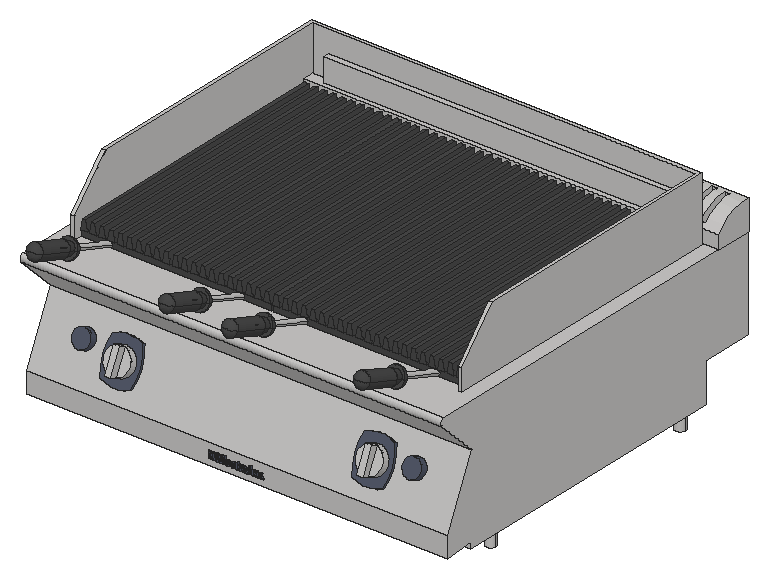
Revit family "QF_ELECTROLUXPROFESSIONAL_371045_E7GRGHLC00", category Specialty Equipment, Revit 2018 (continued)
Automatic sketch dimensions
  plane 3 "LEFT" to Extrusion 30 sketch curve = 29.703 mm
  Extrusion 30 sketch curve to Extrusion 30 sketch curve = 9.296 mm  (x14)
  Extrusion 30 sketch curve to Extrusion 30 sketch curve = 16.193 mm  (x13)
  Extrusion 31 sketch curve to plane 10 "TOP A" = 0 mm
  Extrusion 31 sketch curve to plane 1 "BACK" = 0 mm
  plane 1 "BACK" to Extrusion 31 sketch curve = 4.947 mm
  plane 6 "TOP" to Extrusion 31 sketch curve = 11.113 mm
  plane 1 "BACK" to Extrusion 31 sketch curve = 69.85 mm
  Extrusion 31 sketch curve to plane 10 "TOP A" = 24.807 mm
  plane 1 "BACK" to Extrusion 32 sketch curve = 6.761 mm  (x14)
  Extrusion 32 sketch curve to Extrusion 32 sketch curve = 57.15 mm
  Extrusion 32 sketch curve to Extrusion 32 sketch curve = 0 mm  (x13)
  plane 7 "Center Y" to Extrusion 32 sketch curve = 29.703 mm
  Extrusion 32 sketch curve to Extrusion 32 sketch curve = 9.296 mm  (x14)
  Extrusion 32 sketch curve to Extrusion 32 sketch curve = 16.193 mm  (x13)
  plane 1 "BACK" to curve 80 = 0 mm
  curve 80 to plane 4 "RIGHT" = 0 mm
  plane 5 "FRONT" to curve 38 = 0 mm
  plane 5 "FRONT" to curve 37 = 0 mm
  plane 5 "FRONT" to curve 28 = 0 mm
  curve 28 to plane 3 "LEFT" = 0 mm
  plane 5 "FRONT" to curve 3 = 0 mm
  curve 14 to plane 4 "RIGHT" = 28.675 mm
  curve 14 to curve 9 = 6.35 mm
  curve 9 to curve 31 = 1.554 mm
  curve 74 to plane 5 "FRONT" = 2.011 mm
  curve 74 to plane 4 "RIGHT" = 68.113 mm
  curve 11 to plane 5 "FRONT" = 0.004 mm
  curve 74 to curve 11 = 1.343 mm
  curve 11 to curve 72 = 4.21 mm
  plane 5 "FRONT" to curve 68 = 3.822 mm
  curve 11 to curve 68 = 5.868 mm
  curve 66 to plane 5 "FRONT" = 2.011 mm
  curve 68 to curve 66 = 1.095 mm
  curve 76 to curve 65 = 7.175 mm
  curve 66 to curve 74 = 14.898 mm
  curve 73 to curve 71 = 14.98 mm
  curve 68 to plane 5 "FRONT" = 2.896 mm
  curve 65 to curve 68 = 5.052 mm
  curve 74 to curve 72 = 0.082 mm
  curve 71 to curve 73 = 14.98 mm
  curve 74 to curve 76 = 0.082 mm
  curve 65 to curve 75 = 10.104 mm
  curve 76 to plane 5 "FRONT" = 2.011 mm
  plane 5 "FRONT" to curve 39 = 0.003 mm
  curve 4 to plane 4 "RIGHT" = 107.856 mm
  curve 74 to curve 68 = 0.076 mm
  curve 63 to plane 5 "FRONT" = 2.011 mm
  plane 7 "Center Y" to curve 63 = 80.737 mm
  curve 63 to curve 39 = 1.349 mm
  curve 39 to curve 61 = 4.204 mm
  plane 5 "FRONT" to curve 57 = 3.822 mm
  curve 39 to curve 57 = 5.862 mm
  curve 55 to plane 5 "FRONT" = 2.011 mm
  curve 57 to curve 55 = 1.095 mm
  plane 7 "Center Y" to curve 53 = 65.257 mm
  curve 55 to curve 63 = 14.898 mm
  curve 62 to curve 60 = 14.98 mm
  curve 60 to curve 62 = 14.98 mm
  curve 63 to curve 61 = 0.082 mm
  curve 57 to plane 5 "FRONT" = 2.896 mm
  curve 53 to curve 57 = 5.052 mm
  curve 63 to curve 64 = 0.082 mm
  curve 57 to curve 54 = 5.052 mm
  curve 64 to plane 5 "FRONT" = 2.011 mm
  curve 63 to curve 57 = 0.076 mm
  curve 42 to plane 5 "FRONT" = 2.896 mm
  curve 42 to plane 7 "Center Y" = 39.916 mm
  curve 42 to curve 48 = 0.076 mm
  curve 48 to curve 38 = 1.027 mm
  curve 45 to plane 7 "Center Y" = 45.225 mm
  plane 5 "FRONT" to curve 42 = 3.822 mm
  curve 38 to curve 42 = 5.864 mm
  curve 43 to plane 5 "FRONT" = 2.011 mm
  curve 42 to curve 43 = 1.095 mm
  curve 36 to plane 7 "Center Y" = 55.153 mm
  curve 43 to curve 49 = 14.98 mm
  curve 44 to curve 47 = 14.98 mm
  curve 46 to curve 49 = 0 mm
  curve 45 to curve 45 = 14.98 mm
  curve 49 to curve 48 = 0.082 mm
  curve 42 to curve 35 = 5.052 mm
  curve 49 to plane 5 "FRONT" = 2.011 mm
  curve 48 to plane 5 "FRONT" = 2.011 mm
  curve 37 to curve 48 = 1.346 mm
  curve 19 to plane 5 "FRONT" = 2.896 mm
  plane 3 "LEFT" to curve 19 = 108.935 mm
  curve 19 to curve 25 = 0.076 mm
  curve 25 to curve 37 = 1.027 mm
  curve 37 to curve 24 = 4.206 mm
  plane 5 "FRONT" to curve 19 = 3.822 mm
  curve 37 to curve 19 = 5.864 mm
  curve 27 to plane 5 "FRONT" = 2.011 mm  (x2)
  curve 19 to curve 27 = 1.095 mm
  plane 11 to curve 26 = 34.08 mm
  plane 3 "LEFT" to curve 26 = 93.698 mm
  curve 24 to curve 22 = 14.98 mm
  curve 21 to curve 24 = 14.98 mm
  curve 20 to curve 27 = 14.98 mm
  curve 23 to curve 27 = 0 mm
  curve 27 to curve 25 = 0.082 mm
  curve 19 to curve 16 = 5.052 mm
  curve 25 to plane 5 "FRONT" = 2.011 mm
  curve 28 to curve 25 = 1.346 mm
  plane 3 "LEFT" to curve 29 = 36.446 mm
  curve 29 to curve 7 = 1.421 mm
  curve 7 to curve 12 = 6.35 mm
  curve 3 to plane 3 "LEFT" = 150.019 mm
  curve 3 to plane 1 "BACK" = 150.019 mm
  plane 1 "BACK" to curve 81 = 69.85 mm
  curve 79 to curve 81 = 0 mm
  curve 79 to curve 12 = 3.685 mm
  curve 13 to curve 31 = 5.929 mm
  curve 12 to curve 7 = 6.35 mm
  curve 9 to curve 31 = 22.49 mm
  plane 11 to curve 65 = 34.08 mm
  plane 11 to curve 53 = 34.08 mm
  plane 11 to curve 35 = 34.08 mm
  curve 75 to curve 65 = 0 mm
  curve 35 to curve 36 = 0 mm
  curve 16 to curve 26 = 0 mm
  curve 54 to curve 53 = 0 mm
  plane 11 to curve 15 = 47 mm
  plane 11 to curve 12 = 47 mm
  curve 27 to curve 25 = 10.001 mm
  curve 49 to curve 48 = 10.001 mm
  curve 64 to curve 63 = 10.001 mm
  curve 76 to curve 74 = 10.001 mm
  curve 48 to curve 46 = 10.341 mm
  curve 74 to curve 72 = 10.341 mm
  curve 25 to curve 23 = 10.341 mm
  curve 63 to curve 61 = 10.341 mm
  curve 61 to curve 60 = 35.659 mm
  curve 46 to curve 45 = 35.659 mm
  curve 23 to curve 22 = 35.659 mm
  curve 72 to curve 71 = 35.659 mm
  curve 22 to curve 18 = 6.404 mm
  curve 60 to curve 59 = 6.404 mm
  curve 71 to curve 70 = 6.404 mm
  curve 45 to curve 47 = 6.404 mm
  curve 71 to curve 73 = 17.183 mm
  curve 44 to curve 47 = 17.183 mm
  curve 59 to curve 62 = 17.183 mm
  curve 18 to curve 24 = 17.183 mm
  plane 5 "FRONT" to curve 2 = 0 mm
  plane 5 "FRONT" to curve 52 = 0 mm
  plane 5 "FRONT" to curve 50 = 0 mm
  plane 4 "RIGHT" to curve 2 = 150.019 mm
  curve 77 to plane 4 "RIGHT" = 35.025 mm
  curve 34 to plane 4 "RIGHT" = 66.394 mm
  curve 52 to plane 4 "RIGHT" = 138.1 mm
  plane 3 "LEFT" to curve 50 = 138.1 mm
  plane 3 "LEFT" to curve 32 = 66.394 mm
  plane 3 "LEFT" to curve 77 = 35.025 mm
  curve 1 to plane 3 "LEFT" = 150.019 mm
  plane 11 to curve 77 = 34.08 mm
  curve 34 to curve 33 = 12.928 mm
  curve 32 to curve 32 = 12.928 mm
  curve 1 to plane 1 "BACK" = 150.019 mm
  curve 50 to curve 51 = 470.75 mm
  curve 34 to plane 12 = 67.753 mm
  plane 9 "BASE" to Extrusion 33 sketch curve = 14.013 mm
  plane 9 "BASE" to Extrusion 33 sketch curve = 19.054 mm
  plane 7 "Center Y" to Extrusion 33 sketch curve = 2.479 mm
  Extrusion 33 sketch curve to Extrusion 33 sketch curve = 5.06 mm
  Extrusion 33 sketch curve to Extrusion 33 sketch curve = 0 mm  (x28)
  Extrusion 33 sketch curve to Extrusion 33 sketch curve = 5.108 mm  (x2)
  Extrusion 33 sketch curve to Extrusion 33 sketch curve = 0.054 mm
  Extrusion 33 sketch curve to Extrusion 33 sketch curve = 0.218 mm
  Extrusion 33 sketch curve to Extrusion 33 sketch curve = 0.195 mm
  Extrusion 33 sketch curve to Extrusion 33 sketch curve = 0.249 mm
  plane 9 "BASE" to Extrusion 33 sketch curve = 19.371 mm
  Extrusion 33 sketch curve to Extrusion 33 sketch curve = 0.087 mm
  Extrusion 33 sketch curve to Extrusion 33 sketch curve = 0.358 mm
  Extrusion 33 sketch curve to Extrusion 33 sketch curve = 0.481 mm
  Extrusion 33 sketch curve to Extrusion 33 sketch curve = 0.597 mm
  Extrusion 33 sketch curve to Extrusion 33 sketch curve = 0.544 mm
  Extrusion 33 sketch curve to Extrusion 33 sketch curve = 0.936 mm
  Extrusion 33 sketch curve to Extrusion 33 sketch curve = 0.594 mm
  Extrusion 33 sketch curve to Extrusion 33 sketch curve = 0.343 mm
  Extrusion 33 sketch curve to Extrusion 33 sketch curve = 0.159 mm
  Extrusion 33 sketch curve to Extrusion 33 sketch curve = 0.826 mm
  Extrusion 33 sketch curve to Extrusion 33 sketch curve = 0.839 mm
  Extrusion 33 sketch curve to Extrusion 33 sketch curve = 0.852 mm
  Extrusion 33 sketch curve to Extrusion 33 sketch curve = 0.887 mm
  Extrusion 33 sketch curve to Extrusion 33 sketch curve = 0.928 mm
  Extrusion 33 sketch curve to Extrusion 33 sketch curve = 0.938 mm
  Extrusion 33 sketch curve to Extrusion 33 sketch curve = 0.444 mm
  Extrusion 33 sketch curve to Extrusion 33 sketch curve = 1.11 mm  (x3)
  Extrusion 33 sketch curve to Extrusion 33 sketch curve = 0.215 mm
  Extrusion 33 sketch curve to Extrusion 33 sketch curve = 1.43 mm
  Extrusion 33 sketch curve to Extrusion 33 sketch curve = 1.188 mm
  Extrusion 33 sketch curve to Extrusion 33 sketch curve = 1.21 mm  (x2)
  Extrusion 33 sketch curve to Extrusion 33 sketch curve = 0.503 mm
  Extrusion 33 sketch curve to Extrusion 33 sketch curve = 0.488 mm
  Extrusion 33 sketch curve to Extrusion 33 sketch curve = 0.462 mm
  Extrusion 33 sketch curve to Extrusion 33 sketch curve = 1.386 mm
  Extrusion 33 sketch curve to Extrusion 33 sketch curve = 1.742 mm  (x2)
  Extrusion 33 sketch curve to Extrusion 33 sketch curve = 0.821 mm
  Extrusion 33 sketch curve to Extrusion 33 sketch curve = 0.497 mm
  Extrusion 33 sketch curve to Extrusion 33 sketch curve = 0.539 mm
  Extrusion 33 sketch curve to Extrusion 33 sketch curve = 0.686 mm
  Extrusion 33 sketch curve to Extrusion 33 sketch curve = 0.408 mm
  Extrusion 33 sketch curve to Extrusion 33 sketch curve = 0.743 mm
  Extrusion 33 sketch curve to Extrusion 33 sketch curve = 1.16 mm
  Extrusion 33 sketch curve to Extrusion 33 sketch curve = 0.329 mm
  Extrusion 33 sketch curve to Extrusion 33 sketch curve = 1.054 mm
  Extrusion 33 sketch curve to Extrusion 33 sketch curve = 1.056 mm
  Extrusion 33 sketch curve to Extrusion 33 sketch curve = 0.129 mm
  Extrusion 33 sketch curve to Extrusion 33 sketch curve = 0.489 mm
  Extrusion 33 sketch curve to Extrusion 33 sketch curve = 0.441 mm
  Extrusion 33 sketch curve to Extrusion 33 sketch curve = 1.151 mm
  Extrusion 33 sketch curve to Extrusion 33 sketch curve = 1.141 mm  (x2)
  Extrusion 33 sketch curve to Extrusion 33 sketch curve = 0.768 mm
  Extrusion 33 sketch curve to Extrusion 33 sketch curve = 1.653 mm
  Extrusion 33 sketch curve to Extrusion 33 sketch curve = 0.499 mm
  Extrusion 33 sketch curve to Extrusion 33 sketch curve = 0.964 mm
  Extrusion 33 sketch curve to Extrusion 33 sketch curve = 0.949 mm
  Extrusion 33 sketch curve to Extrusion 33 sketch curve = 1.345 mm  (x2)
  Extrusion 33 sketch curve to Extrusion 33 sketch curve = 1.101 mm
  Extrusion 33 sketch curve to Extrusion 33 sketch curve = 0.432 mm
  Extrusion 33 sketch curve to Extrusion 33 sketch curve = 1.142 mm
  Extrusion 33 sketch curve to Extrusion 33 sketch curve = 0.959 mm
  Extrusion 33 sketch curve to Extrusion 33 sketch curve = 0.176 mm
  Extrusion 33 sketch curve to Extrusion 33 sketch curve = 0.728 mm
  Extrusion 33 sketch curve to Extrusion 33 sketch curve = 3.375 mm  (x2)
  Extrusion 33 sketch curve to Extrusion 33 sketch curve = 1.905 mm
  Extrusion 33 sketch curve to Extrusion 33 sketch curve = 0.955 mm
  Extrusion 33 sketch curve to Extrusion 33 sketch curve = 1.251 mm
  Extrusion 33 sketch curve to Extrusion 33 sketch curve = 0.572 mm
  Extrusion 33 sketch curve to Extrusion 33 sketch curve = 1.92 mm
  Extrusion 33 sketch curve to Extrusion 33 sketch curve = 1.224 mm
  Extrusion 33 sketch curve to Extrusion 33 sketch curve = 0.745 mm
  Extrusion 33 sketch curve to Extrusion 33 sketch curve = 2.537 mm
  Extrusion 33 sketch curve to Extrusion 33 sketch curve = 0.896 mm  (x3)
  Extrusion 33 sketch curve to Extrusion 33 sketch curve = 0.036 mm
  Extrusion 33 sketch curve to Extrusion 33 sketch curve = 2.607 mm
  Extrusion 33 sketch curve to Extrusion 33 sketch curve = 0.066 mm
  Extrusion 33 sketch curve to Extrusion 33 sketch curve = 0.248 mm
  Extrusion 33 sketch curve to Extrusion 33 sketch curve = 0.449 mm
  Extrusion 33 sketch curve to Extrusion 33 sketch curve = 1.052 mm
  Extrusion 33 sketch curve to Extrusion 33 sketch curve = 1.863 mm
  Extrusion 33 sketch curve to Extrusion 33 sketch curve = 1.31 mm  (x2)
  Extrusion 33 sketch curve to Extrusion 33 sketch curve = 0.901 mm
  Extrusion 33 sketch curve to Extrusion 33 sketch curve = 1.107 mm
  Extrusion 33 sketch curve to Extrusion 33 sketch curve = 2.122 mm
  Extrusion 33 sketch curve to Extrusion 33 sketch curve = 2.101 mm
  Extrusion 33 sketch curve to Extrusion 33 sketch curve = 0.106 mm
  Extrusion 33 sketch curve to Extrusion 33 sketch curve = 0.029 mm
  Extrusion 33 sketch curve to Extrusion 33 sketch curve = 2.09 mm
  Extrusion 33 sketch curve to Extrusion 33 sketch curve = 1.279 mm
  Extrusion 33 sketch curve to Extrusion 33 sketch curve = 2.008 mm
  Extrusion 33 sketch curve to Extrusion 33 sketch curve = 0.738 mm
  Extrusion 33 sketch curve to Extrusion 33 sketch curve = 0.382 mm
  Extrusion 33 sketch curve to Extrusion 33 sketch curve = 0.384 mm
  Extrusion 33 sketch curve to Extrusion 33 sketch curve = 0.002 mm
  Extrusion 33 sketch curve to Extrusion 33 sketch curve = 0.561 mm
  Extrusion 33 sketch curve to Extrusion 33 sketch curve = 0.592 mm
  Extrusion 33 sketch curve to Extrusion 33 sketch curve = 2.692 mm
  Extrusion 33 sketch curve to Extrusion 33 sketch curve = 1.259 mm
  Extrusion 33 sketch curve to Extrusion 33 sketch curve = 0.802 mm
  Extrusion 33 sketch curve to Extrusion 33 sketch curve = 1.024 mm  (x2)
  Extrusion 33 sketch curve to Extrusion 33 sketch curve = 0.682 mm
  Extrusion 33 sketch curve to Extrusion 33 sketch curve = 5.934 mm
  Extrusion 33 sketch curve to Extrusion 33 sketch curve = 2.186 mm
  Extrusion 33 sketch curve to Extrusion 33 sketch curve = 0.337 mm
  Extrusion 33 sketch curve to Extrusion 33 sketch curve = 0.021 mm
  Extrusion 33 sketch curve to Extrusion 33 sketch curve = 1.005 mm
  Extrusion 33 sketch curve to Extrusion 33 sketch curve = 0.552 mm
  Extrusion 33 sketch curve to Extrusion 33 sketch curve = 0.778 mm
  Extrusion 33 sketch curve to Extrusion 33 sketch curve = 0.063 mm
  Extrusion 33 sketch curve to Extrusion 33 sketch curve = 1.023 mm
  Extrusion 33 sketch curve to Extrusion 33 sketch curve = 3.804 mm
  Extrusion 33 sketch curve to Extrusion 33 sketch curve = 0.486 mm
  Extrusion 33 sketch curve to Extrusion 33 sketch curve = 0.266 mm  (x2)
  Extrusion 33 sketch curve to Extrusion 33 sketch curve = 1.547 mm
  Extrusion 33 sketch curve to Extrusion 33 sketch curve = 0.717 mm  (x2)
  Extrusion 33 sketch curve to Extrusion 33 sketch curve = 1.667 mm
  Extrusion 33 sketch curve to Extrusion 33 sketch curve = 3.174 mm
  Extrusion 33 sketch curve to Extrusion 33 sketch curve = 0.388 mm
  Extrusion 33 sketch curve to Extrusion 33 sketch curve = 1.342 mm
  Extrusion 33 sketch curve to Extrusion 33 sketch curve = 1.521 mm
  Extrusion 33 sketch curve to Extrusion 33 sketch curve = 0.124 mm
  Extrusion 33 sketch curve to Extrusion 33 sketch curve = 0.291 mm
  plane 7 "Center Y" to Extrusion 33 sketch curve = 3.796 mm
  Extrusion 33 sketch curve to Extrusion 33 sketch curve = 1.049 mm  (x2)
  Extrusion 33 sketch curve to Extrusion 33 sketch curve = 1.7 mm
  Extrusion 33 sketch curve to Extrusion 33 sketch curve = 0.894 mm
  Extrusion 33 sketch curve to Extrusion 33 sketch curve = 0.989 mm
  Extrusion 33 sketch curve to Extrusion 33 sketch curve = 1.168 mm
  Extrusion 33 sketch curve to Extrusion 33 sketch curve = 1.594 mm
  Extrusion 33 sketch curve to Extrusion 33 sketch curve = 0.731 mm
  Extrusion 33 sketch curve to Extrusion 33 sketch curve = 1.566 mm
  Extrusion 33 sketch curve to Extrusion 33 sketch curve = 0.064 mm
  plane 7 "Center Y" to Extrusion 33 sketch curve = 4.352 mm
  Extrusion 33 sketch curve to Extrusion 33 sketch curve = 0.556 mm  (x2)
  Extrusion 33 sketch curve to Extrusion 33 sketch curve = 0.48 mm
  Extrusion 33 sketch curve to Extrusion 33 sketch curve = 1.018 mm
  Extrusion 33 sketch curve to Extrusion 33 sketch curve = 0.787 mm
  Extrusion 33 sketch curve to Extrusion 33 sketch curve = 0.618 mm
  Extrusion 33 sketch curve to Extrusion 33 sketch curve = 1.672 mm
  Extrusion 33 sketch curve to Extrusion 33 sketch curve = 1.361 mm
  Extrusion 33 sketch curve to Extrusion 33 sketch curve = 0.822 mm
  Extrusion 33 sketch curve to Extrusion 33 sketch curve = 0.069 mm
  Extrusion 33 sketch curve to Extrusion 33 sketch curve = 1.88 mm
  Extrusion 33 sketch curve to Extrusion 33 sketch curve = 0.42 mm
  Extrusion 33 sketch curve to Extrusion 33 sketch curve = 0.062 mm
  Extrusion 33 sketch curve to Extrusion 33 sketch curve = 1.355 mm
  Extrusion 33 sketch curve to Extrusion 33 sketch curve = 2.34 mm
  Extrusion 33 sketch curve to Extrusion 33 sketch curve = 0.493 mm
  Extrusion 33 sketch curve to Extrusion 33 sketch curve = 0.136 mm
  Extrusion 33 sketch curve to Extrusion 33 sketch curve = 0.128 mm
  Extrusion 33 sketch curve to Extrusion 33 sketch curve = 3.616 mm
  Extrusion 33 sketch curve to Extrusion 33 sketch curve = 4.207 mm
  Extrusion 33 sketch curve to Extrusion 33 sketch curve = 0.183 mm
  Extrusion 33 sketch curve to Extrusion 33 sketch curve = 0.895 mm
  Extrusion 33 sketch curve to Extrusion 33 sketch curve = 1.314 mm
  plane 7 "Center Y" to Extrusion 33 sketch curve = 1.492 mm
  Extrusion 33 sketch curve to Extrusion 33 sketch curve = 3.231 mm
  Extrusion 33 sketch curve to Extrusion 33 sketch curve = 1.299 mm
  Extrusion 33 sketch curve to Extrusion 33 sketch curve = 1.214 mm
  Extrusion 33 sketch curve to Extrusion 33 sketch curve = 1.264 mm
  Extrusion 33 sketch curve to Extrusion 33 sketch curve = 0.109 mm
  Extrusion 33 sketch curve to Extrusion 33 sketch curve = 0.357 mm
  Extrusion 33 sketch curve to Extrusion 33 sketch curve = 0.565 mm
  Extrusion 33 sketch curve to Extrusion 33 sketch curve = 2.504 mm
  Extrusion 33 sketch curve to Extrusion 33 sketch curve = 2.459 mm
  Extrusion 33 sketch curve to Extrusion 33 sketch curve = 1.322 mm
  Extrusion 33 sketch curve to Extrusion 33 sketch curve = 2.77 mm
  Extrusion 33 sketch curve to Extrusion 33 sketch curve = 2.51 mm
  Extrusion 33 sketch curve to Extrusion 33 sketch curve = 0.187 mm
  Extrusion 33 sketch curve to Extrusion 33 sketch curve = 2.559 mm
  Extrusion 33 sketch curve to Extrusion 33 sketch curve = 1.556 mm
  Extrusion 33 sketch curve to Extrusion 33 sketch curve = 0.222 mm
  Extrusion 33 sketch curve to Extrusion 33 sketch curve = 1.383 mm
  Extrusion 33 sketch curve to Extrusion 33 sketch curve = 3.114 mm
  Extrusion 33 sketch curve to Extrusion 33 sketch curve = 3.376 mm
  Extrusion 33 sketch curve to Extrusion 33 sketch curve = 0.934 mm
  Extrusion 33 sketch curve to Extrusion 33 sketch curve = 0.191 mm
  Extrusion 33 sketch curve to Extrusion 33 sketch curve = 3.696 mm
  Extrusion 33 sketch curve to Extrusion 33 sketch curve = 2.708 mm
  Extrusion 33 sketch curve to Extrusion 33 sketch curve = 3.333 mm
  Extrusion 33 sketch curve to Extrusion 33 sketch curve = 0.332 mm
  Extrusion 33 sketch curve to Extrusion 33 sketch curve = 1.087 mm
  Extrusion 33 sketch curve to Extrusion 33 sketch curve = 2.23 mm
  Extrusion 33 sketch curve to Extrusion 33 sketch curve = 2.757 mm
  Extrusion 33 sketch curve to Extrusion 33 sketch curve = 0.987 mm
  Extrusion 33 sketch curve to Extrusion 33 sketch curve = 1.529 mm
  Extrusion 33 sketch curve to Extrusion 33 sketch curve = 1.796 mm
  Extrusion 33 sketch curve to Extrusion 33 sketch curve = 2.859 mm
  Extrusion 33 sketch curve to Extrusion 33 sketch curve = 0.853 mm
  Extrusion 33 sketch curve to Extrusion 33 sketch curve = 1.241 mm
  Extrusion 33 sketch curve to Extrusion 33 sketch curve = 2.046 mm  (x2)
  Extrusion 33 sketch curve to Extrusion 33 sketch curve = 2.422 mm
  Extrusion 33 sketch curve to Extrusion 33 sketch curve = 0.27 mm  (x2)
  Extrusion 33 sketch curve to Extrusion 33 sketch curve = 0.69 mm
  Extrusion 33 sketch curve to Extrusion 33 sketch curve = 0.781 mm  (x2)
  Extrusion 33 sketch curve to Extrusion 33 sketch curve = 3.136 mm
  Extrusion 33 sketch curve to Extrusion 33 sketch curve = 1.767 mm
  Extrusion 33 sketch curve to Extrusion 33 sketch curve = 0.138 mm
  Extrusion 33 sketch curve to Extrusion 33 sketch curve = 0.777 mm
  Extrusion 33 sketch curve to Extrusion 33 sketch curve = 1.19 mm
  Extrusion 33 sketch curve to Extrusion 33 sketch curve = 0.782 mm
  Extrusion 33 sketch curve to Extrusion 33 sketch curve = 1.268 mm
  Extrusion 33 sketch curve to Extrusion 33 sketch curve = 0.422 mm  (x2)
  Extrusion 33 sketch curve to Extrusion 33 sketch curve = 1.559 mm
  Extrusion 33 sketch curve to Extrusion 33 sketch curve = 3.927 mm
  Extrusion 33 sketch curve to Extrusion 33 sketch curve = 0.983 mm
  Extrusion 33 sketch curve to Extrusion 33 sketch curve = 1.134 mm
  plane 7 "Center Y" to Extrusion 33 sketch curve = 0.896 mm
  Extrusion 33 sketch curve to Extrusion 33 sketch curve = 1.501 mm
  Extrusion 33 sketch curve to Extrusion 33 sketch curve = 1.808 mm
  Extrusion 33 sketch curve to Extrusion 33 sketch curve = 0.643 mm
  Extrusion 33 sketch curve to Extrusion 33 sketch curve = 0.916 mm
  Extrusion 33 sketch curve to Extrusion 33 sketch curve = 0.352 mm
  Extrusion 33 sketch curve to Extrusion 33 sketch curve = 0.458 mm
  Extrusion 33 sketch curve to Extrusion 33 sketch curve = 1.282 mm
  Extrusion 33 sketch curve to Extrusion 33 sketch curve = 1.363 mm
  Extrusion 33 sketch curve to Extrusion 33 sketch curve = 0.685 mm
  Extrusion 33 sketch curve to Extrusion 33 sketch curve = 0.905 mm
  Extrusion 33 sketch curve to Extrusion 33 sketch curve = 2.865 mm
  Extrusion 33 sketch curve to Extrusion 33 sketch curve = 0.472 mm
  Extrusion 33 sketch curve to Extrusion 33 sketch curve = 0.101 mm
  Extrusion 33 sketch curve to Extrusion 33 sketch curve = 0.54 mm
  Extrusion 33 sketch curve to Extrusion 33 sketch curve = 0.02 mm
  Extrusion 33 sketch curve to Extrusion 33 sketch curve = 0.468 mm
  Extrusion 33 sketch curve to Extrusion 33 sketch curve = 0.829 mm
  Extrusion 33 sketch curve to Extrusion 33 sketch curve = 0.582 mm
  Extrusion 33 sketch curve to Extrusion 33 sketch curve = 0.166 mm
  Extrusion 33 sketch curve to Extrusion 33 sketch curve = 0.16 mm
  Extrusion 33 sketch curve to Extrusion 33 sketch curve = 2.781 mm
  Extrusion 33 sketch curve to Extrusion 33 sketch curve = 1.118 mm
  Extrusion 33 sketch curve to Extrusion 33 sketch curve = 0.613 mm
  Extrusion 33 sketch curve to Extrusion 33 sketch curve = 0.361 mm
  Extrusion 33 sketch curve to Extrusion 33 sketch curve = 0.897 mm
  Extrusion 33 sketch curve to Extrusion 33 sketch curve = 0.167 mm
  Extrusion 33 sketch curve to Extrusion 33 sketch curve = 0.292 mm
  Extrusion 33 sketch curve to Extrusion 33 sketch curve = 0.305 mm
  Extrusion 33 sketch curve to Extrusion 33 sketch curve = 1.557 mm
  Extrusion 33 sketch curve to Extrusion 33 sketch curve = 2.499 mm
  Extrusion 33 sketch curve to Extrusion 33 sketch curve = 3.062 mm
  Extrusion 33 sketch curve to Extrusion 33 sketch curve = 2.968 mm
  Extrusion 33 sketch curve to Extrusion 33 sketch curve = 5.044 mm
  Extrusion 33 sketch curve to Extrusion 33 sketch curve = 0.629 mm  (x2)
  Extrusion 33 sketch curve to Extrusion 33 sketch curve = 1.131 mm
  Extrusion 33 sketch curve to Extrusion 33 sketch curve = 0.137 mm
  Extrusion 33 sketch curve to Extrusion 33 sketch curve = 0.027 mm
  Extrusion 33 sketch curve to Extrusion 33 sketch curve = 2.235 mm
  radius of Extrusion 2 sketch curve = 9.525 mm  (x4)
  radius of Extrusion 3 sketch curve = 6.35 mm
  radius of Extrusion 10 sketch curve = 5 mm
  radius of Extrusion 13 sketch curve = 5 mm
  radius of Extrusion 15 sketch curve = 25.4 mm
  radius of Extrusion 16 sketch curve to Extrusion 15 = 0 mm  (x2)
  radius of Extrusion 17 sketch curve = 17.8 mm
  radius of Extrusion 19 sketch curve = 25.4 mm
  radius of Extrusion 20 sketch curve to Extrusion 19 = 0 mm  (x2)
  radius of Extrusion 21 sketch curve = 17.8 mm
  radius of Extrusion 25 sketch curve = 5 mm
  radius of Extrusion 27 sketch curve = 5 mm
Nested families
  nested 1: "371045_QF_Electrolux_GRILL" at (36.446, -102.375, 287.338), type "371045_QF_Electrolux_GRILL"
    with Type Mark "", Specification by User "", Revision Code "", Item Number "", Installed By "", Identify Quantity as Lot yes, Furnished By "", Foodservice Equipment Identifier yes
  nested 2: "371045_QF_Electrolux_GRILL" at (750.821, -102.375, 287.338), type "371045_QF_Electrolux_GRILL"
    with Type Mark "", Specification by User "", Revision Code "", Item Number "", Installed By "", Identify Quantity as Lot yes, Furnished By "", Foodservice Equipment Identifier yes
  nested 3: "371045_QF_Electrolux_GRILL" at (53.869, -102.375, 287.338), type "371045_QF_Electrolux_GRILL"
    with Type Mark "", Specification by User "", Revision Code "", Item Number "", Installed By "", Identify Quantity as Lot yes, Furnished By "", Foodservice Equipment Identifier yes
  nested 4: "371045_QF_Electrolux_GRILL" at (71.293, -102.375, 287.338), type "371045_QF_Electrolux_GRILL"
    with Type Mark "", Specification by User "", Revision Code "", Item Number "", Installed By "", Identify Quantity as Lot yes, Furnished By "", Foodservice Equipment Identifier yes
  nested 5: "371045_QF_Electrolux_GRILL" at (88.717, -102.375, 287.338), type "371045_QF_Electrolux_GRILL"
    with Type Mark "", Specification by User "", Revision Code "", Item Number "", Installed By "", Identify Quantity as Lot yes, Furnished By "", Foodservice Equipment Identifier yes
  nested 6: "371045_QF_Electrolux_GRILL" at (106.141, -102.375, 287.338), type "371045_QF_Electrolux_GRILL"
    with Type Mark "", Specification by User "", Revision Code "", Item Number "", Installed By "", Identify Quantity as Lot yes, Furnished By "", Foodservice Equipment Identifier yes
  nested 7: "371045_QF_Electrolux_GRILL" at (123.564, -102.375, 287.338), type "371045_QF_Electrolux_GRILL"
    with Type Mark "", Specification by User "", Revision Code "", Item Number "", Installed By "", Identify Quantity as Lot yes, Furnished By "", Foodservice Equipment Identifier yes
  nested 8: "371045_QF_Electrolux_GRILL" at (140.988, -102.375, 287.338), type "371045_QF_Electrolux_GRILL"
    with Type Mark "", Specification by User "", Revision Code "", Item Number "", Installed By "", Identify Quantity as Lot yes, Furnished By "", Foodservice Equipment Identifier yes
  nested 9: "371045_QF_Electrolux_GRILL" at (158.412, -102.375, 287.338), type "371045_QF_Electrolux_GRILL"
    with Type Mark "", Specification by User "", Revision Code "", Item Number "", Installed By "", Identify Quantity as Lot yes, Furnished By "", Foodservice Equipment Identifier yes
  nested 10: "371045_QF_Electrolux_GRILL" at (175.836, -102.375, 287.338), type "371045_QF_Electrolux_GRILL"
    with Type Mark "", Specification by User "", Revision Code "", Item Number "", Installed By "", Identify Quantity as Lot yes, Furnished By "", Foodservice Equipment Identifier yes
  nested 11: "371045_QF_Electrolux_GRILL" at (193.26, -102.375, 287.338), type "371045_QF_Electrolux_GRILL"
    with Type Mark "", Specification by User "", Revision Code "", Item Number "", Installed By "", Identify Quantity as Lot yes, Furnished By "", Foodservice Equipment Identifier yes
  nested 12: "371045_QF_Electrolux_GRILL" at (210.683, -102.375, 287.338), type "371045_QF_Electrolux_GRILL"
    with Type Mark "", Specification by User "", Revision Code "", Item Number "", Installed By "", Identify Quantity as Lot yes, Furnished By "", Foodservice Equipment Identifier yes
  nested 13: "371045_QF_Electrolux_GRILL" at (228.107, -102.375, 287.338), type "371045_QF_Electrolux_GRILL"
    with Type Mark "", Specification by User "", Revision Code "", Item Number "", Installed By "", Identify Quantity as Lot yes, Furnished By "", Foodservice Equipment Identifier yes
  nested 14: "371045_QF_Electrolux_GRILL" at (245.531, -102.375, 287.338), type "371045_QF_Electrolux_GRILL"
    with Type Mark "", Specification by User "", Revision Code "", Item Number "", Installed By "", Identify Quantity as Lot yes, Furnished By "", Foodservice Equipment Identifier yes
  nested 15: "371045_QF_Electrolux_GRILL" at (262.955, -102.375, 287.338), type "371045_QF_Electrolux_GRILL"
    with Type Mark "", Specification by User "", Revision Code "", Item Number "", Installed By "", Identify Quantity as Lot yes, Furnished By "", Foodservice Equipment Identifier yes
  nested 16: "371045_QF_Electrolux_GRILL" at (280.378, -102.375, 287.338), type "371045_QF_Electrolux_GRILL"
    with Type Mark "", Specification by User "", Revision Code "", Item Number "", Installed By "", Identify Quantity as Lot yes, Furnished By "", Foodservice Equipment Identifier yes
  nested 17: "371045_QF_Electrolux_GRILL" at (297.802, -102.375, 287.338), type "371045_QF_Electrolux_GRILL"
    with Type Mark "", Specification by User "", Revision Code "", Item Number "", Installed By "", Identify Quantity as Lot yes, Furnished By "", Foodservice Equipment Identifier yes
  nested 18: "371045_QF_Electrolux_GRILL" at (315.226, -102.375, 287.338), type "371045_QF_Electrolux_GRILL"
    with Type Mark "", Specification by User "", Revision Code "", Item Number "", Installed By "", Identify Quantity as Lot yes, Furnished By "", Foodservice Equipment Identifier yes
  nested 19: "371045_QF_Electrolux_GRILL" at (332.65, -102.375, 287.338), type "371045_QF_Electrolux_GRILL"
    with Type Mark "", Specification by User "", Revision Code "", Item Number "", Installed By "", Identify Quantity as Lot yes, Furnished By "", Foodservice Equipment Identifier yes
  nested 20: "371045_QF_Electrolux_GRILL" at (350.074, -102.375, 287.338), type "371045_QF_Electrolux_GRILL"
    with Type Mark "", Specification by User "", Revision Code "", Item Number "", Installed By "", Identify Quantity as Lot yes, Furnished By "", Foodservice Equipment Identifier yes
  nested 21: "371045_QF_Electrolux_GRILL" at (367.497, -102.375, 287.338), type "371045_QF_Electrolux_GRILL"
    with Type Mark "", Specification by User "", Revision Code "", Item Number "", Installed By "", Identify Quantity as Lot yes, Furnished By "", Foodservice Equipment Identifier yes
  nested 22: "371045_QF_Electrolux_GRILL" at (384.921, -102.375, 287.338), type "371045_QF_Electrolux_GRILL"
    with Type Mark "", Specification by User "", Revision Code "", Item Number "", Installed By "", Identify Quantity as Lot yes, Furnished By "", Foodservice Equipment Identifier yes
  nested 23: "371045_QF_Electrolux_GRILL" at (402.345, -102.375, 287.338), type "371045_QF_Electrolux_GRILL"
    with Type Mark "", Specification by User "", Revision Code "", Item Number "", Installed By "", Identify Quantity as Lot yes, Furnished By "", Foodservice Equipment Identifier yes
  nested 24: "371045_QF_Electrolux_GRILL" at (419.769, -102.375, 287.338), type "371045_QF_Electrolux_GRILL"
    with Type Mark "", Specification by User "", Revision Code "", Item Number "", Installed By "", Identify Quantity as Lot yes, Furnished By "", Foodservice Equipment Identifier yes
  nested 25: "371045_QF_Electrolux_GRILL" at (437.192, -102.375, 287.338), type "371045_QF_Electrolux_GRILL"
    with Type Mark "", Specification by User "", Revision Code "", Item Number "", Installed By "", Identify Quantity as Lot yes, Furnished By "", Foodservice Equipment Identifier yes
  nested 26: "371045_QF_Electrolux_GRILL" at (454.616, -102.375, 287.338), type "371045_QF_Electrolux_GRILL"
    with Type Mark "", Specification by User "", Revision Code "", Item Number "", Installed By "", Identify Quantity as Lot yes, Furnished By "", Foodservice Equipment Identifier yes
  nested 27: "371045_QF_Electrolux_GRILL" at (472.04, -102.375, 287.338), type "371045_QF_Electrolux_GRILL"
    with Type Mark "", Specification by User "", Revision Code "", Item Number "", Installed By "", Identify Quantity as Lot yes, Furnished By "", Foodservice Equipment Identifier yes
  nested 28: "371045_QF_Electrolux_GRILL" at (489.464, -102.375, 287.338), type "371045_QF_Electrolux_GRILL"
    with Type Mark "", Specification by User "", Revision Code "", Item Number "", Installed By "", Identify Quantity as Lot yes, Furnished By "", Foodservice Equipment Identifier yes
  nested 29: "371045_QF_Electrolux_GRILL" at (506.888, -102.375, 287.338), type "371045_QF_Electrolux_GRILL"
    with Type Mark "", Specification by User "", Revision Code "", Item Number "", Installed By "", Identify Quantity as Lot yes, Furnished By "", Foodservice Equipment Identifier yes
  nested 30: "371045_QF_Electrolux_GRILL" at (524.311, -102.375, 287.338), type "371045_QF_Electrolux_GRILL"
    with Type Mark "", Specification by User "", Revision Code "", Item Number "", Installed By "", Identify Quantity as Lot yes, Furnished By "", Foodservice Equipment Identifier yes
  nested 31: "371045_QF_Electrolux_GRILL" at (541.735, -102.375, 287.338), type "371045_QF_Electrolux_GRILL"
    with Type Mark "", Specification by User "", Revision Code "", Item Number "", Installed By "", Identify Quantity as Lot yes, Furnished By "", Foodservice Equipment Identifier yes
  nested 32: "371045_QF_Electrolux_GRILL" at (559.159, -102.375, 287.338), type "371045_QF_Electrolux_GRILL"
    with Type Mark "", Specification by User "", Revision Code "", Item Number "", Installed By "", Identify Quantity as Lot yes, Furnished By "", Foodservice Equipment Identifier yes
  nested 33: "371045_QF_Electrolux_GRILL" at (576.583, -102.375, 287.338), type "371045_QF_Electrolux_GRILL"
    with Type Mark "", Specification by User "", Revision Code "", Item Number "", Installed By "", Identify Quantity as Lot yes, Furnished By "", Foodservice Equipment Identifier yes
  nested 34: "371045_QF_Electrolux_GRILL" at (594.007, -102.375, 287.338), type "371045_QF_Electrolux_GRILL"
    with Type Mark "", Specification by User "", Revision Code "", Item Number "", Installed By "", Identify Quantity as Lot yes, Furnished By "", Foodservice Equipment Identifier yes
  nested 35: "371045_QF_Electrolux_GRILL" at (611.43, -102.375, 287.338), type "371045_QF_Electrolux_GRILL"
    with Type Mark "", Specification by User "", Revision Code "", Item Number "", Installed By "", Identify Quantity as Lot yes, Furnished By "", Foodservice Equipment Identifier yes
  nested 36: "371045_QF_Electrolux_GRILL" at (628.854, -102.375, 287.338), type "371045_QF_Electrolux_GRILL"
    with Type Mark "", Specification by User "", Revision Code "", Item Number "", Installed By "", Identify Quantity as Lot yes, Furnished By "", Foodservice Equipment Identifier yes
  nested 37: "371045_QF_Electrolux_GRILL" at (646.278, -102.375, 287.338), type "371045_QF_Electrolux_GRILL"
    with Type Mark "", Specification by User "", Revision Code "", Item Number "", Installed By "", Identify Quantity as Lot yes, Furnished By "", Foodservice Equipment Identifier yes
  nested 38: "371045_QF_Electrolux_GRILL" at (663.702, -102.375, 287.338), type "371045_QF_Electrolux_GRILL"
    with Type Mark "", Specification by User "", Revision Code "", Item Number "", Installed By "", Identify Quantity as Lot yes, Furnished By "", Foodservice Equipment Identifier yes
  nested 39: "371045_QF_Electrolux_GRILL" at (681.125, -102.375, 287.338), type "371045_QF_Electrolux_GRILL"
    with Type Mark "", Specification by User "", Revision Code "", Item Number "", Installed By "", Identify Quantity as Lot yes, Furnished By "", Foodservice Equipment Identifier yes
  nested 40: "371045_QF_Electrolux_GRILL" at (698.549, -102.375, 287.338), type "371045_QF_Electrolux_GRILL"
    with Type Mark "", Specification by User "", Revision Code "", Item Number "", Installed By "", Identify Quantity as Lot yes, Furnished By "", Foodservice Equipment Identifier yes
  nested 41: "371045_QF_Electrolux_GRILL" at (715.973, -102.375, 287.338), type "371045_QF_Electrolux_GRILL"
    with Type Mark "", Specification by User "", Revision Code "", Item Number "", Installed By "", Identify Quantity as Lot yes, Furnished By "", Foodservice Equipment Identifier yes
  nested 42: "371045_QF_Electrolux_GRILL" at (733.397, -102.375, 287.338), type "371045_QF_Electrolux_GRILL"
    with Type Mark "", Specification by User "", Revision Code "", Item Number "", Installed By "", Identify Quantity as Lot yes, Furnished By "", Foodservice Equipment Identifier yes
Connectors
  piping at (747.712, -98.425, 57.718), diameter 12.7
    settings: on Extrusion 3, index 2, connector inside diameter 1/2", connector length 0 mm, flow factor 0, pipe flow 0 GPM, pressure drop 0.00 psi, fitting loss kfactor 0, connector angle 0.00°, fixture units 0, engagement length 0 mm, angle of deflection 0.00°, flow configuration 1, flow direction 1, fitting loss method 0, system type 7, joint type 0, gender type 0, connector reference index -1, connector utility 0, adjustable connector no, is connector primary yes, connector description "Gas Connection"
Definition of nested family "371045_QF_Electrolux_GRILL"
  Parameters
    Weight in Pounds = 0
    URL Cutsheet = ""
    URL = ""
    Type Mark [instance] = ""
    Specification by User [instance] = ""
    Specification by Manufacturer = ""
    Serial Number = ""
    Seismic Rating = ""
    SMACNA No = ""
    Revision Code [instance] = ""
    Omniclass Number and Title = ""
    NAFEM Spec ID Number = ""
    Model = ""
    Masterspec = ""
    Manufacturer = ""
    Item Number [instance] = ""
    Installed By [instance] = ""
    Identify Quantity as Lot [instance] = yes
    Furnished By [instance] = ""
    Foodservice Equipment Identifier [instance] = yes
    Description = ""
    CSI MasterFormat = ""
    CSI Master Format = ""
    Assembly Code = ""
  Reference planes
    plane 1 "BACK": y = 0
    plane 2: z = 0
    plane 3 "LEFT": x = 0
    plane 4 "RIGHT": x = 12.7
    plane 5 "FRONT": y = -529.58
    plane 6 "TOP": z = 19.576
    plane 7 "Center Y": x = 6.35
    plane 8 "Center X": y = -264.79
    plane 9: y = -147.637
  Forms (mm)
    Extrusion 1, solid
      sketch origin (-1.421, -501.68, -12.7) x (1, 0, 0) y (0, 0, 1)
        loop
          line (1.421, 12.7) -> (14.121, 12.7) -> (11.081, 32.276) -> (4.46, 32.276) -> (1.421, 12.7)
      from 27.9 to -501.68
  Lines and regions (mm)
    symbolic lines
      curve 1: line (0, 0, 0) -> (12.7, 0, 0)
      curve 2: line (0, -529.58, 0) -> (0, 0, 0)
      curve 3: line (12.7, -529.58, 0) -> (0, -529.58, 0)
      curve 4: line (12.7, 0, 0) -> (12.7, -529.58, 0)
  Dimensions and locks
    equal spacing: plane 3 "LEFT", plane 7 "Center Y", plane 4 "RIGHT"
    plane 3 "LEFT" to plane 4 "RIGHT" = 12.7 mm
    equal spacing: plane 5 "FRONT", plane 8 "Center X", plane 1 "BACK"
    plane 5 "FRONT" to plane 1 "BACK" = 529.58 mm
    plane 6 "TOP" to level = 19.576 mm
    plane 1 "BACK" to plane 5 "FRONT" = 529.58 mm
    aligned and locked: level to plane 2
  Automatic sketch dimensions
    Extrusion 1 sketch curve to level = 0 mm
    Extrusion 1 sketch curve to plane 3 "LEFT" = 0 mm
    Extrusion 1 sketch curve to plane 6 "TOP" = 0 mm
    Extrusion 1 sketch curve to plane 4 "RIGHT" = 0 mm
    plane 3 "LEFT" to Extrusion 1 sketch curve = 3.039 mm
    Extrusion 1 sketch curve to plane 4 "RIGHT" = 3.039 mm
    plane 1 "BACK" to curve 1 = 0 mm
    curve 1 to plane 3 "LEFT" = 0 mm
    curve 4 to plane 4 "RIGHT" = 0 mm
    plane 5 "FRONT" to curve 2 = 0 mm
